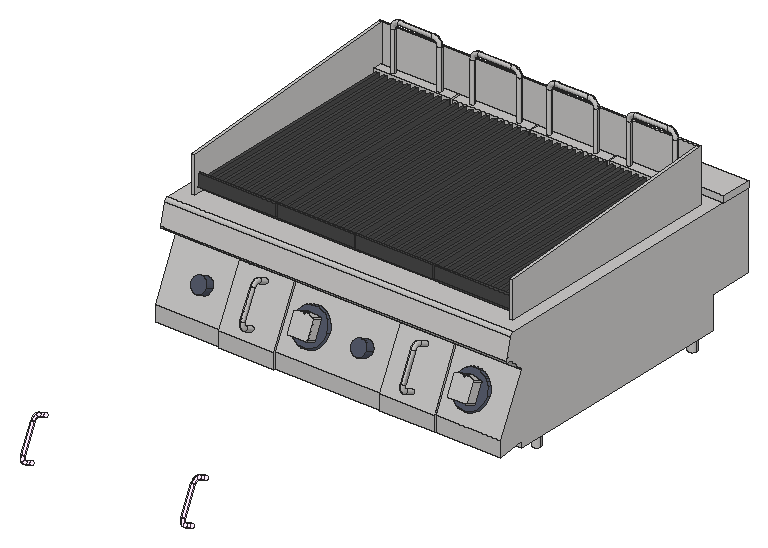
Revit family "QF_ZANUSSI_372043_Z7GRGHGC0P", category Specialty Equipment, Revit 2018
Family settings
  Round Connector Dimension = Use Diameter
  Part Type = Normal
  Work Plane-Based = No
  Always vertical = Yes
  Cut with Voids When Loaded = No
  Shared = No
  Room Calculation Point = No
Parameters
  Width = 800 mm  # constant formula
  Weight in Pounds = 141  # constant formula
  Weight = 0.00 kg
  Watts = 0 W
  Volts = 0 V
  URL Manufacturer = "http://www.zanussiprofessional.com"
  URL Cutsheet = "www.electrolux.com/foodservice"
  URL = "http://www.zanussiprofessional.com"
  Type Mark [instance] = ""
  Steam Supply Size = 0"
  Steam Supply Minimum Pressure = 0.00 psi
  Steam Supply Maximum Pressure = 0.00 psi
  Steam Pounds per Hour = 0
  Status [instance] = ""
  Specification by User [instance] = ""
  Specification by Manufacturer = ""
  Show Logo [instance] = yes
  Show Clearance [instance] = yes
  Serial Number = ""
  Seismic Rating = ""
  SMACNA No = ""
  Revision Code [instance] = ""
  Refrigeration Suction Line Size = 0"
  Refrigeration Liquid Line Size = 0"
  Refrigerant Compressor Remote = yes
  Phase = 0
  Omniclass Number and Title = ""
  NAFEM Spec ID Number = ""
  Model = "Z7GRGHGC0P"
  Mechanical Remarks = ""
  Mechanical Connection Type = ""
  Masterspec = ""
  Manufacturer = "Zanussi"
  Length Actual = 800 mm  # constant formula
  Item Number [instance] = "372043"
  Installed By [instance] = ""
  Identify Quantity as Lot [instance] = yes
  Hot Water Size = 0"
  Height Actual = 250 mm  # constant formula
  Height = 424 mm  # constant formula
  HP = "0 HP"
  Gas Size = 1/2"
  Gas RI Height [instance] = 0 mm
  Gas KW = 14  # constant formula
  Gas Input [instance] = 47726.0 Btu/h  # constant formula
  Gas Connection Height = 0 mm
  Furnished By [instance] = ""
  Foodservice Equipment Identifier [instance] = yes
  Direct Waste Size = 0"
  Description = "GAS GRILL TOP HP 800 MM"
  Depth Actual = 700 mm  # constant formula
  Depth = 715 mm  # constant formula
  Cycle = 0 Hz
  Condensate Return Size = 0"
  Compressed Air Volume = 0 GPM
  Compressed Air Size = 0"
  Compressed Air Pressure = 0.00 psi
  Cold Water Size = 0"
  CSI MasterFormat = ""
  CSI Master Format = ""
  Base Height [instance] = 24 mm  # constant formula
  Assembly Code = ""
  Accessory = yes
Reference planes
  plane 1 "BACK": y = 0
  plane 2: z = 0
  plane 3 "LEFT": x = 0
  plane 4 "RIGHT": x = 800
  plane 5 "FRONT": y = -715
  plane 6 "TOP": z = 289
  plane 7 "Center Y": x = 400
  plane 8 "Center X": y = -357.5
  plane 9 "BASE": z = 24
  plane 10 "TOP A": z = 274
  plane 11: y = -597.884
  plane 12: y = -147.637
  plane 13: z = 424
  plane 14 "panel": through (-6096, -715, 65.146) normal (0, 0.8956, -0.4448)
  plane 15: y = -1374
Forms (mm)
  Extrusion 1, solid, material "QF_Finishes_Stainless Steel"
    sketch origin (0, 0, 0) x (0, 1, 0) y (0, 0, 1)
      loop
        line (0, 98) -> (0, 274) -> (-679.358, 274)
        arc (-679.358, 274) -> (-684.643, 271.811) -> (-686.833, 266.526) r 7.474
        line (-686.833, 266.526) -> (-699.884, 221.011)
        arc (-699.884, 221.011) -> (-699.396, 218.379) -> (-697, 217.184) r 3
        line (-697, 217.184) -> (-686.802, 217.184) -> (-654.982, 185.364) -> (-715, 64.508) -> (-715, 29.508) -> (-658.645, 37.428)
        arc (-658.645, 37.428) -> (-656.101, 36.674) -> (-655, 34.259) r 3.2
        line (-655, 34.259) -> (-655, 24) -> (-103, 24) -> (-103, 98) -> (0, 98)
    from 0 to 800
  Extrusion 2, solid, material "QF_Finishes_Stainless Steel"
    sketch origin (0, 0, 0) x (1, 0, 0) y (0, 1, 0)
      loop
        circle (11.112, -147.638) r 9.525
      loop
        circle (11.112, -597.884) r 9.525
      loop
        circle (788.887, -147.638) r 9.525
      loop
        circle (788.887, -597.884) r 9.525
    from 0 to 24
  Extrusion 3, solid, material "QF_Finishes_Stainless Steel"
    sketch origin (0, -101.6, 101.6) x (0, 0, -1) y (-1, 0, 0)
      loop
        circle (43.694, -747.613) r 6.35
    from 0 to 3.175
  Extrusion 4, solid, material "QF_Finishes_Clearance", visible <- "Show Clearance", detail levels coarse
    sketch origin (0, 0, 0) x (1, 0, 0) y (0, 1, 0)
      loop
        line (0, -715) -> (0, 0) -> (800, 0) -> (800, -715) -> (950.019, -715) -> (950.019, 150.019) -> (-150.019, 150.019) -> (-150.019, -715) -> (0, -715)
    from 0 to 396
  Extrusion 5, solid, material "QF_Finishes_Black"
    sketch origin (0, 0, 274.638) x (0, -1, 0) y (1, 0, 0)
      loop
        line (621.714, 36.625) -> (621.714, 216.687) -> (130.285, 216.687) -> (130.285, 36.625) -> (621.714, 36.625)
      loop
        line (130.285, 398.4) -> (130.285, 219.888) -> (621.714, 219.888) -> (621.714, 398.4) -> (130.285, 398.4)
      loop
        line (621.714, 763.375) -> (130.285, 763.375) -> (130.285, 583.313) -> (621.714, 583.313) -> (621.714, 763.375)
      loop
        line (130.285, 401.6) -> (621.714, 401.6) -> (621.714, 580.112) -> (130.285, 580.112) -> (130.285, 401.6)
    from 0 to 12.7
  Extrusion 6, solid, material "QF_Finishes_Stainless Steel"
    sketch origin (0, 0, 274.638) x (0, -1, 0) y (1, 0, 0)
      loop
        line (130.285, 36.625) -> (130.285, 216.687) -> (107.795, 216.687) -> (107.795, 36.625) -> (130.285, 36.625)
      loop
        line (130.285, 219.888) -> (130.285, 398.4) -> (107.795, 398.4) -> (107.795, 219.888) -> (130.285, 219.888)
      loop
        line (130.285, 763.375) -> (107.795, 763.375) -> (107.795, 583.313) -> (130.285, 583.313) -> (130.285, 763.375)
      loop
        line (130.285, 580.112) -> (107.795, 580.112) -> (107.795, 401.6) -> (130.285, 401.6) -> (130.285, 580.112)
    from 0 to 37.056
  Extrusion 7, solid, material "QF_Finishes_Black"
    sketch origin (52.271, -631.964, 287.338) x (-0.153405, 0, 0.988163) y (-0.988163, 0, -0.153405)
      loop
        line (-23.661, -162.764) -> (3.778, -167.024) -> (31.408, 10.957) -> (3.969, 15.217) -> (-23.661, -162.764)
      loop
        line (-51.537, -342.325) -> (-24.098, -346.585) -> (3.287, -170.186) -> (-24.152, -165.926) -> (-51.537, -342.325)
      loop
        line (-79.413, -521.887) -> (-51.973, -526.147) -> (-24.588, -349.747) -> (-52.028, -345.487) -> (-79.413, -521.887)
      loop
        line (-107.534, -703.03) -> (-80.094, -707.289) -> (-52.464, -529.309) -> (-79.904, -525.049) -> (-107.534, -703.03)
    from 0 to 5
  Sweep 8, solid, material "QF_Finishes_Stainless Steel"
    path origin (3.75, -118.772, 30.903) x (0, 0, 1) y (-1, 0, 0)
      loop
        line (280.865, -69.374) -> (372.777, -69.374)
        arc (372.777, -69.374) -> (383.553, -73.837) -> (388.017, -84.614) r 15.24
        line (388.017, -84.614) -> (388.017, -162.056)
        arc (388.017, -162.056) -> (383.553, -172.833) -> (372.777, -177.296) r 15.24
        line (372.777, -177.296) -> (280.865, -177.296)
    profile origin (73.124, -118.772, 357.724) x (-1, 0, 0) y (0, -1, 0)
      loop
        circle (0, 0) r 4.572
  Sweep 9, solid, material "QF_Finishes_Stainless Steel"
    path origin (176.963, -118.772, 30.903) x (0, 0, 1) y (-1, 0, 0)
      loop
        line (280.865, -80.424) -> (372.777, -80.424)
        arc (372.777, -80.424) -> (383.553, -84.887) -> (388.017, -95.664) r 15.24
        line (388.017, -95.664) -> (388.017, -173.106)
        arc (388.017, -173.106) -> (383.553, -183.883) -> (372.777, -188.346) r 15.24
        line (372.777, -188.346) -> (280.865, -188.346)
    profile origin (257.386, -118.772, 357.724) x (-1, 0, 0) y (0, -1, 0)
      loop
        circle (0, 0) r 4.572
  Extrusion 10, solid, material "QF_Finishes_Stainless Steel"
    sketch origin (35.025, -104.885, 396) x (0, -1, 0) y (0, 0, -1)
      loop
        line (0, -0.1) -> (540, 38.757) -> (540, 122) -> (0, 122) -> (0, -0.1)
    from 0 to -6.35
  Extrusion 11, solid, material "QF_Finishes_Stainless Steel"
    sketch origin (765.075, -104.885, 396) x (0, -1, 0) y (0, 0, 1)
      loop
        line (0, 0.1) -> (0, -122) -> (540, -122) -> (540, -38.757) -> (0, 0.1)
    from 0 to -6.35
  Extrusion 12, solid, material "QF_Finishes_Stainless Steel"
    sketch origin (35.025, -104.885, 274) x (0, 0, 1) y (1, 0, 0)
      loop
        line (0, -6.35) -> (122.1, -6.35) -> (122.1, 736.4) -> (0, 736.4) -> (0, -6.35)
    from 0 to 3.2
  Sweep 13, solid, material "QF_Finishes_Stainless Steel"
    path origin (796.35, -118.772, 30.903) x (0, 0, 1) y (-1, 0, 0)
      loop
        line (280.865, 69.474) -> (372.777, 69.474)
        arc (372.777, 69.474) -> (383.553, 73.937) -> (388.017, 84.714) r 15.24
        line (388.017, 84.714) -> (388.017, 162.156)
        arc (388.017, 162.156) -> (383.553, 172.933) -> (372.777, 177.396) r 15.24
        line (372.777, 177.396) -> (280.865, 177.396)
    profile origin (726.876, -118.772, 357.724) x (-1, 0, 0) y (0, -1, 0)
      loop
        circle (0, 0) r 4.572
  Sweep 14, solid, material "QF_Finishes_Stainless Steel"
    path origin (623.137, -118.772, 30.903) x (0, 0, 1) y (-1, 0, 0)
      loop
        line (280.865, 80.524) -> (372.777, 80.524)
        arc (372.777, 80.524) -> (383.553, 84.987) -> (388.017, 95.764) r 15.24
        line (388.017, 95.764) -> (388.017, 173.206)
        arc (388.017, 173.206) -> (383.553, 183.983) -> (372.777, 188.446) r 15.24
        line (372.777, 188.446) -> (280.865, 188.446)
    profile origin (542.614, -118.772, 357.724) x (-1, 0, 0) y (0, -1, 0)
      loop
        circle (0, 0) r 4.572
  Extrusion 15, solid, material "QF_Finishes_Stainless Steel"
    sketch origin (0, 0, 274.638) x (0, -1, 0) y (1, 0, 0)
      loop
        line (0, 800) -> (0, 0) -> (69.85, 0) -> (69.85, 800) -> (0, 800)
    from 0 to 14.3
  Extrusion 16, solid, material "QF_Finishes_Stainless Steel"
    sketch origin (521.343, -0.376, -0.757) x (0, 1, 0) y (0, 0, 1)
      loop
        line (-715, 65.146) -> (-654.982, 186.002) -> (-657.848, 187.425) -> (-718.2, 65.896) -> (-718.2, 31.09) -> (-715, 31.09) -> (-715, 65.146)
    from 0 to 127
  Sweep 17, solid, material "QF_Finishes_Stainless Steel"
    path origin (387.393, -9.278, -20.28) x (0, 0.999563, -0.029571) y (0, 0.029571, 0.999563)
      loop
        line (-662.718, 170.424) -> (-683.347, 179.918)
        arc (-683.347, 179.918) -> (-693.06, 180.294) -> (-700.193, 173.692) r 12.7
        line (-700.193, 173.692) -> (-727.741, 113.839)
        arc (-727.741, 113.839) -> (-728.117, 104.126) -> (-721.514, 96.993) r 12.7
        line (-721.514, 96.993) -> (-700.886, 87.498)
    profile origin (387.393, -676.837, 174.717) x (0, -0.444781, -0.895639) y (1, 0, 0)
      loop
        circle (0, 200.05) r 4.572
  Extrusion 18, solid, material "QF_Plastic-Black-Matte"
    sketch origin (649.993, -685.367, 124.816) x (0, 0.444781, 0.895639) y (0, 0.895639, -0.444781)
      loop
        line (26.984, -34) -> (23.984, -34) -> (23.984, -35) -> (26.984, -35)
        arc (26.984, -35) -> (27.691, -34.707) -> (27.984, -34) r 1
        line (27.984, -34) -> (27.984, -19) -> (26.984, -19) -> (26.984, -34)
    from -58.5 to -56.5
  Extrusion 19, solid, material "QF_Finishes_Stainless Steel"
    sketch origin (707.493, -685.367, 124.816) x (-1, 0, 0) y (0, -0.444781, -0.895639)
      loop
        line (17.6, -17.5) -> (17.6, 17.5) -> (-17.4, 17.5) -> (-17.4, -17.5) -> (17.6, -17.5)
    from 5 to 10
  Extrusion 20, solid, material "QF_Finishes_Stainless Steel"
    sketch origin (707.493, -685.367, 124.816) x (-1, 0, 0) y (0, -0.444781, -0.895639)
      loop
        arc (-21.047, -22.789) -> (0.1, -26.984) -> (21.247, -22.789) r 55.4
        arc (21.247, -22.789) -> (22.594, -21.685) -> (23.1, -20.019) r 2.997
        line (23.1, -20.019) -> (23.1, 20.019)
        arc (23.1, 20.019) -> (22.222, 22.138) -> (20.103, 23.016) r 2.997
        line (20.103, 23.016) -> (-19.903, 23.016)
        arc (-19.903, 23.016) -> (-22.022, 22.138) -> (-22.9, 20.019) r 2.997
        line (-22.9, 20.019) -> (-22.9, -20.019)
        arc (-22.9, -20.019) -> (-22.394, -21.685) -> (-21.047, -22.789) r 2.997
    from 10 to 34
  Blend 21, solid, material "QF_Finishes_Navy Blue"
    base sketch origin (707.493, -685.367, 124.816) x (1, 0, 0) y (0, 0.444781, 0.895639)
      loop
        circle (-0.1, 0) r 42.5
    top sketch origin (707.493, -685.367, 124.816) x (1, 0, 0) y (0, 0.444781, 0.895639)
      loop
        circle (-0.1, 0) r 40.5
    from 0 to 5
  Sweep 22, solid, material "QF_Finishes_Stainless Steel"
    path origin (16.593, -9.278, -20.28) x (0, 0.999563, -0.029571) y (0, 0.029571, 0.999563)
      loop
        line (-662.718, 170.424) -> (-683.347, 179.918)
        arc (-683.347, 179.918) -> (-693.06, 180.294) -> (-700.193, 173.692) r 12.7
        line (-700.193, 173.692) -> (-727.741, 113.839)
        arc (-727.741, 113.839) -> (-728.117, 104.126) -> (-721.514, 96.993) r 12.7
        line (-721.514, 96.993) -> (-700.886, 87.498)
    profile origin (16.593, -676.837, 174.717) x (0, -0.444781, -0.895639) y (1, 0, 0)
      loop
        circle (0, 200.05) r 4.572
  Extrusion 23, solid, material "QF_Plastic-Black-Matte"
    sketch origin (279.193, -685.367, 124.816) x (0, 0.444781, 0.895639) y (0, 0.895639, -0.444781)
      loop
        line (26.984, -34) -> (23.984, -34) -> (23.984, -35) -> (26.984, -35)
        arc (26.984, -35) -> (27.691, -34.707) -> (27.984, -34) r 1
        line (27.984, -34) -> (27.984, -19) -> (26.984, -19) -> (26.984, -34)
    from -58.5 to -56.5
  Extrusion 24, solid, material "QF_Finishes_Stainless Steel"
    sketch origin (336.693, -685.367, 124.816) x (-1, 0, 0) y (0, -0.444781, -0.895639)
      loop
        line (17.55, -17.5) -> (17.55, 17.5) -> (-17.45, 17.5) -> (-17.45, -17.5) -> (17.55, -17.5)
    from 5 to 10
  Extrusion 25, solid, material "QF_Finishes_Stainless Steel"
    sketch origin (336.693, -685.367, 124.816) x (-1, 0, 0) y (0, -0.444781, -0.895639)
      loop
        arc (-21.097, -22.789) -> (0.05, -26.984) -> (21.197, -22.789) r 55.4
        arc (21.197, -22.789) -> (22.544, -21.685) -> (23.05, -20.019) r 2.997
        line (23.05, -20.019) -> (23.05, 20.019)
        arc (23.05, 20.019) -> (22.172, 22.138) -> (20.053, 23.016) r 2.997
        line (20.053, 23.016) -> (-19.953, 23.016)
        arc (-19.953, 23.016) -> (-22.072, 22.138) -> (-22.95, 20.019) r 2.997
        line (-22.95, 20.019) -> (-22.95, -20.019)
        arc (-22.95, -20.019) -> (-22.444, -21.685) -> (-21.097, -22.789) r 2.997
    from 10 to 34
  Blend 26, solid, material "QF_Finishes_Navy Blue"
    base sketch origin (336.693, -685.367, 124.816) x (1, 0, 0) y (0, 0.444781, 0.895639)
      loop
        circle (-0.05, 0) r 42.5
    top sketch origin (336.693, -685.367, 124.816) x (1, 0, 0) y (0, 0.444781, 0.895639)
      loop
        circle (-0.05, 0) r 40.5
    from 0 to 5
  Extrusion 27, solid, material "QF_Finishes_Stainless Steel"
    sketch origin (173.23, -122.719, 1257.8) x (1, 0, 0) y (0, 0.444781, 0.895639)
      loop
        circle (-80, -1265) r 15
    from 0 to 3
  Extrusion 28, solid, material "QF_Finishes_Navy Blue"
    sketch origin (173.23, -122.719, 1257.8) x (1, 0, 0) y (0, 0.444781, 0.895639)
      loop
        circle (-80, -1265) r 18
    from 3 to 23
  Extrusion 29, solid, material "QF_Finishes_Stainless Steel"
    sketch origin (150.543, -0.376, -0.757) x (0, 1, 0) y (0, 0, 1)
      loop
        line (-715, 65.146) -> (-654.982, 186.002) -> (-657.848, 187.425) -> (-718.2, 65.896) -> (-718.2, 31.09) -> (-715, 31.09) -> (-715, 65.146)
    from 0 to 127
  Extrusion 30, solid, material "QF_Finishes_Drawer Clearance", visible <- "Show Clearance", detail levels coarse
    sketch origin (150.543, -0.376, -0.757) x (0, 1, 0) y (0, 0, 1)
      loop
        line (-718.2, 31.09) -> (-718.2, 65.896) -> (-657.848, 187.425) -> (-1292.631, 187.425) -> (-1356.556, 58.702) -> (-1356.556, 31.09) -> (-718.2, 31.09)
    from 0 to 127
  Extrusion 31, solid, material "QF_Finishes_Stainless Steel"
    sketch origin (544.03, -122.719, 1257.8) x (1, 0, 0) y (0, 0.444781, 0.895639)
      loop
        circle (-80.05, -1265) r 15
    from 0 to 3
  Extrusion 32, solid, material "QF_Finishes_Navy Blue"
    sketch origin (544.03, -122.719, 1257.8) x (1, 0, 0) y (0, 0.444781, 0.895639)
      loop
        circle (-80.05, -1265) r 18
    from 3 to 23
  Sweep 33, solid, material "QF_Finishes_Drawer Clearance"
    path origin (387.393, -644.061, -20.28) x (0, 0.999563, -0.029571) y (0, 0.029571, 0.999563)
      loop
        line (-662.718, 170.424) -> (-683.347, 179.918)
        arc (-683.347, 179.918) -> (-693.06, 180.294) -> (-700.193, 173.692) r 12.7
        line (-700.193, 173.692) -> (-727.741, 113.839)
        arc (-727.741, 113.839) -> (-728.117, 104.126) -> (-721.514, 96.993) r 12.7
        line (-721.514, 96.993) -> (-700.886, 87.498)
    profile origin (387.393, -1311.619, 174.717) x (0, -0.444781, -0.895639) y (1, 0, 0)
      loop
        circle (0, 200.05) r 4.572
  Sweep 34, solid, material "QF_Finishes_Drawer Clearance"
    path origin (16.593, -644.061, -20.28) x (0, 0.999563, -0.029571) y (0, 0.029571, 0.999563)
      loop
        line (-662.718, 170.424) -> (-683.347, 179.918)
        arc (-683.347, 179.918) -> (-693.06, 180.294) -> (-700.193, 173.692) r 12.7
        line (-700.193, 173.692) -> (-727.741, 113.839)
        arc (-727.741, 113.839) -> (-728.117, 104.126) -> (-721.514, 96.993) r 12.7
        line (-721.514, 96.993) -> (-700.886, 87.498)
    profile origin (16.593, -1311.619, 174.717) x (0, -0.444781, -0.895639) y (1, 0, 0)
      loop
        circle (0, 200.05) r 4.572
  Extrusion 35, solid, material "QF_Finishes_Drawer Clearance", visible <- "Show Clearance", detail levels coarse
    sketch origin (521.343, -0.376, -0.757) x (0, 1, 0) y (0, 0, 1)
      loop
        line (-718.2, 31.09) -> (-718.2, 65.896) -> (-657.848, 187.425) -> (-1292.631, 187.425) -> (-1356.556, 58.702) -> (-1356.556, 31.09) -> (-718.2, 31.09)
    from 0 to 127
Cuts and joins
  joined: Extrusion 10, Extrusion 11, Extrusion 12
Lines and regions (mm)
  Split face 1
    outline origin (707.493, -689.845, 127.04) x (1, 0, 0) y (0, 0.444781, 0.895639)
      loop
        circle (0, 34.714) r 1.714
  Split face 2
    outline origin (707.493, -689.845, 127.04) x (1, 0, 0) y (0, 0.444781, 0.895639)
      loop
        circle (-17.357, 30.063) r 2
  Split face 3
    outline origin (707.493, -689.845, 127.04) x (1, 0, 0) y (0, 0.444781, 0.895639)
      loop
        circle (17.357, 30.063) r 2
  Split face 4
    outline origin (707.493, -689.845, 127.04) x (1, 0, 0) y (0, 0.444781, 0.895639)
      loop
        line (-23.985, -28.584) -> (-20.542, -24.481)
        arc (-20.542, -24.481) -> (-27.511, -15.911) -> (-31.231, -5.511) r 32.719
        line (-31.231, -5.511) -> (-37.141, -6.549)
        arc (-37.141, -6.549) -> (-32.568, -18.764) -> (-23.985, -28.584) r 36.411
  Split face 5
    outline origin (707.493, -689.845, 127.04) x (1, 0, 0) y (0, 0.444781, 0.895639)
      loop
        arc (20.441, -26.163) -> (0.211, -32.559) -> (-19.689, -25.201) r 32.719
        line (-19.689, -25.201) -> (-22.952, -29.377)
        arc (-22.952, -29.377) -> (-0.277, -36.495) -> (21.959, -28.107) r 36.411
        line (21.959, -28.107) -> (20.441, -26.163)
  Split face 6
    outline origin (707.493, -689.845, 127.04) x (1, 0, 0) y (0, 0.444781, 0.895639)
      loop
        line (21.361, -25.457) -> (22.903, -27.295)
        arc (22.903, -27.295) -> (31.935, -14.958) -> (35.104, 0) r 36.411
        line (35.104, 0) -> (33.714, 0)
        arc (33.714, 0) -> (30.431, -14.133) -> (21.361, -25.457) r 32.719
  Split face 7
    outline origin (707.493, -689.845, 127.04) x (1, 0, 0) y (0, 0.444781, 0.895639)
      loop
        arc (-37.695, 1.149) -> (-34.899, -3.19) -> (-31.619, 0.795) r 3.195
        line (-31.619, 0.795) -> (-32.379, 3.751)
        arc (-32.379, 3.751) -> (-34.462, 5.448) -> (-36.693, 3.952) r 2.258
        line (-36.693, 3.952) -> (-37.695, 1.149)
  Split face 8
    outline origin (336.693, -689.845, 127.04) x (1, 0, 0) y (0, 0.444781, 0.895639)
      loop
        circle (0, 34.714) r 1.714
  Split face 9
    outline origin (336.693, -689.845, 127.04) x (1, 0, 0) y (0, 0.444781, 0.895639)
      loop
        circle (-17.357, 30.063) r 2
  Split face 10
    outline origin (336.693, -689.845, 127.04) x (1, 0, 0) y (0, 0.444781, 0.895639)
      loop
        circle (17.357, 30.063) r 2
  Split face 11
    outline origin (336.693, -689.845, 127.04) x (1, 0, 0) y (0, 0.444781, 0.895639)
      loop
        line (-23.985, -28.584) -> (-20.542, -24.481)
        arc (-20.542, -24.481) -> (-27.511, -15.911) -> (-31.231, -5.511) r 32.719
        line (-31.231, -5.511) -> (-37.141, -6.549)
        arc (-37.141, -6.549) -> (-32.568, -18.764) -> (-23.985, -28.584) r 36.411
  Split face 12
    outline origin (336.693, -689.845, 127.04) x (1, 0, 0) y (0, 0.444781, 0.895639)
      loop
        arc (20.441, -26.163) -> (0.211, -32.559) -> (-19.689, -25.201) r 32.719
        line (-19.689, -25.201) -> (-22.952, -29.377)
        arc (-22.952, -29.377) -> (-0.277, -36.495) -> (21.959, -28.107) r 36.411
        line (21.959, -28.107) -> (20.441, -26.163)
  Split face 13
    outline origin (336.693, -689.845, 127.04) x (1, 0, 0) y (0, 0.444781, 0.895639)
      loop
        line (21.361, -25.457) -> (22.903, -27.295)
        arc (22.903, -27.295) -> (31.935, -14.958) -> (35.104, 0) r 36.411
        line (35.104, 0) -> (33.714, 0)
        arc (33.714, 0) -> (30.431, -14.133) -> (21.361, -25.457) r 32.719
  Split face 14
    outline origin (336.693, -689.845, 127.04) x (1, 0, 0) y (0, 0.444781, 0.895639)
      loop
        arc (-37.695, 1.149) -> (-34.899, -3.19) -> (-31.619, 0.795) r 3.195
        line (-31.619, 0.795) -> (-32.379, 3.751)
        arc (-32.379, 3.751) -> (-34.462, 5.448) -> (-36.693, 3.952) r 2.258
        line (-36.693, 3.952) -> (-37.695, 1.149)
  symbolic lines, style "QF-Clearances", visible <- "Show Clearance", detail levels coarse
    curve 1: line (950.019, 150.019, 274) -> (-150.019, 150.019, 274)
    curve 2: line (950.019, -715, 274) -> (950.019, 150.019, 274)
    curve 3: line (-150.019, 150.019, 274.638) -> (-150.019, -715, 274.638)
    curve 4: line (692.144, 150.019, 274.638) -> (-150.019, 150.019, 274.638)
  symbolic lines
    curve 5: line (0, -715, 274.638) -> (0, 0, 274.638)
    curve 6: line (800, 0, 274.638) -> (800, -715, 274.638)
    curve 7: line (35.025, -104.885, 274.638) -> (35.025, -644.885, 274.638)
    curve 8: line (28.675, -644.885, 274.638) -> (35.025, -644.885, 274.638)
    curve 9: line (764.975, -644.885, 274.638) -> (764.975, -104.885, 274.638)
    curve 10: line (764.975, -104.885, 274.638) -> (35.025, -104.885, 274.638)
    curve 11: line (0, -69.85, 274.638) -> (800, -69.85, 274.638)
    curve 12: line (28.675, -98.535, 274.638) -> (28.675, -644.885, 274.638)
    curve 13: line (28.675, -98.535, 274.638) -> (771.325, -98.535, 274.638)
    curve 14: line (771.325, -98.535, 274.638) -> (771.325, -644.885, 274.638)
    curve 15: line (764.975, -644.885, 274.638) -> (771.325, -644.885, 274.638)
    curve 16: line (36.625, -107.795, 274.638) -> (216.687, -107.795, 274.638)
    curve 17: line (36.625, -636.964, 274.638) -> (36.625, -107.795, 274.638)
    curve 18: line (216.687, -130.285, 274.638) -> (36.625, -130.285, 274.638)
    curve 19: line (216.687, -107.795, 274.638) -> (216.687, -636.964, 274.638)
    curve 23: line (219.888, -107.795, 274.638) -> (398.4, -107.795, 274.638)
    curve 24: line (219.888, -636.964, 274.638) -> (219.888, -107.795, 274.638)
    curve 25: line (398.4, -130.285, 274.638) -> (219.888, -130.285, 274.638)
    curve 26: line (398.4, -107.795, 274.638) -> (398.4, -636.964, 274.638)
    curve 27: line (401.6, -107.795, 274.638) -> (580.062, -107.795, 274.638)
    curve 28: line (401.6, -636.964, 274.638) -> (401.6, -107.795, 274.638)
    curve 29: line (580.062, -130.285, 274.638) -> (401.6, -130.285, 274.638)
    curve 30: line (580.062, -107.795, 274.638) -> (580.062, -636.964, 274.638)
    curve 31: line (583.263, -107.795, 274.638) -> (763.375, -107.795, 274.638)
    curve 32: line (583.263, -636.964, 274.638) -> (583.263, -107.795, 274.638)
    curve 33: line (763.375, -130.285, 274.638) -> (583.263, -130.285, 274.638)
    curve 34: line (763.375, -107.795, 274.638) -> (763.375, -636.964, 274.638)
    curve 38: line (72.974, -114.2, 274) -> (180.846, -114.2, 274)
    curve 39: line (180.846, -123.344, 274) -> (72.974, -123.344, 274)
    curve 40: arc (72.974, -114.2, 274) -> (68.402, -118.772, 274) -> (72.974, -123.344, 274) r 4.572
    curve 41: arc (180.846, -114.2, 274) -> (185.418, -118.772, 274) -> (180.846, -123.344, 274) r 4.572
    curve 42: line (257.386, -114.2, 274) -> (365.309, -114.2, 274)
    curve 43: line (365.309, -123.344, 274) -> (257.386, -123.344, 274)
    curve 44: arc (257.386, -114.2, 274) -> (252.814, -118.772, 274) -> (257.386, -123.344, 274) r 4.572
    curve 45: arc (365.309, -114.2, 274) -> (369.881, -118.772, 274) -> (365.309, -123.344, 274) r 4.572
    curve 46: line (583.313, -636.964, 274) -> (763.375, -636.964, 274)
    curve 47: line (401.6, -636.964, 274) -> (580.112, -636.964, 274)
    curve 48: line (219.888, -636.964, 274) -> (398.4, -636.964, 274)
    curve 49: line (36.625, -636.964, 274) -> (216.687, -636.964, 274)
    curve 50: line (727.026, -114.2, 274) -> (619.104, -114.2, 274)
    curve 51: line (619.104, -123.344, 274) -> (727.026, -123.344, 274)
    curve 52: arc (727.026, -114.2, 274) -> (731.598, -118.772, 274) -> (727.026, -123.344, 274) r 4.572
    curve 53: arc (619.104, -114.2, 274) -> (614.532, -118.772, 274) -> (619.104, -123.344, 274) r 4.572
    curve 54: line (542.564, -114.2, 274) -> (434.691, -114.2, 274)
    curve 55: line (434.691, -123.344, 274) -> (542.564, -123.344, 274)
    curve 56: arc (542.564, -114.2, 274) -> (547.136, -118.772, 274) -> (542.564, -123.344, 274) r 4.572
    curve 57: arc (434.691, -114.2, 274) -> (430.119, -118.772, 274) -> (434.691, -123.344, 274) r 4.572
    curve 58: line (0, 0, 274.638) -> (800, 0, 274.638)
    curve 59: line (0, -69.85, 274.638) -> (800, -69.85, 274.638)
    curve 60: line (0, 0, 274.638) -> (800, 0, 274.638)
    curve 61: line (216.737, -631.964, 0) -> (36.625, -631.964, 0)
    curve 62: line (219.888, -631.964, 274) -> (398.4, -631.964, 274)
    curve 63: line (583.313, -631.964, 274) -> (763.375, -631.964, 274)
    curve 64: line (401.6, -631.964, 274) -> (580.112, -631.964, 274)
    curve 65: line (313.693, -700.376, 0) -> (313.693, -724.723, 0)
    curve 66: arc (313.693, -724.723, 0) -> (313.839, -725.187, 0) -> (314.225, -725.483, 0) r 0.809
    curve 67: arc (314.225, -725.483, 0) -> (315.413, -725.963, 0) -> (316.691, -726.056, 0) r 4.127
    curve 68: arc (313.693, -704.669, 0) -> (308.652, -702.834, 0) -> (303.884, -700.376, 0) r 42.24
    curve 69: arc (313.693, -706.915, 0) -> (314.195, -706.194, 0) -> (314.993, -705.824, 0) r 1.682
    curve 70: arc (314.993, -705.824, 0) -> (325.295, -704.331, 0) -> (335.693, -703.826, 0) r 109.069
    curve 71: line (335.693, -700.376, 0) -> (335.693, -706.047, 0)
    curve 72: line (335.693, -706.047, 0) -> (337.693, -706.047, 0)
    curve 73: line (337.693, -706.047, 0) -> (337.693, -700.376, 0)
    curve 74: line (359.693, -700.376, 0) -> (359.693, -724.723, 0)
    curve 75: arc (359.693, -724.723, 0) -> (359.547, -725.187, 0) -> (359.161, -725.483, 0) r 0.809
    curve 76: arc (359.161, -725.483, 0) -> (357.973, -725.963, 0) -> (356.696, -726.056, 0) r 4.127
    curve 77: arc (359.693, -704.669, 0) -> (364.734, -702.834, 0) -> (369.502, -700.376, 0) r 42.24
    curve 78: arc (359.693, -706.915, 0) -> (359.191, -706.194, 0) -> (358.394, -705.824, 0) r 1.682
    curve 79: arc (358.394, -705.824, 0) -> (348.092, -704.321, 0) -> (337.693, -703.807, 0) r 109.088
    curve 80: line (316.691, -726.056, 0) -> (356.696, -726.056, 0)
    curve 81: line (0, -700.376, 0) -> (800, -700.376, 0)
    curve 82: line (212.75, -700.376, 0) -> (212.75, -734.594, 0)
    curve 83: line (221.75, -700.376, 0) -> (221.75, -734.594, 0)
    curve 84: arc (212.75, -734.594, 0) -> (217.25, -739.094, 0) -> (221.75, -734.594, 0) r 4.5
    curve 85: line (151.15, -700.376, 0) -> (151.15, -718.576, 0)
    curve 86: line (151.15, -718.576, 0) -> (212.75, -718.576, 0)
    curve 87: line (221.75, -718.576, 0) -> (278.15, -718.576, 0)
    curve 88: line (278.15, -718.576, 0) -> (278.15, -700.376, 0)
    curve 89: line (151.15, -715.376, 0) -> (212.75, -715.376, 0)
    curve 90: line (221.75, -715.376, 0) -> (278.15, -715.376, 0)
    curve 91: line (0, -715.376, 0) -> (151.15, -715.376, 0)
    curve 92: line (278.15, -715.376, 0) -> (313.693, -715.376, 0)
    curve 93: line (359.693, -715.376, 0) -> (519.643, -715.376, 0)
    curve 94: line (75.23, -705.967, 0) -> (75.23, -700.376, 0)
    curve 95: line (111.23, -705.967, 0) -> (111.23, -700.376, 0)
    curve 96: spline (75.23, -705.967, 0) -> (75.843, -708.039, 0) -> (77.641, -709.97, 0) -> (80.502, -711.628, 0) -> (84.23, -712.9, 0) -> (88.571, -713.7, 0) -> (93.23, -713.973, 0) -> (97.889, -713.7, 0) -> (102.23, -712.9, 0) -> (105.958, -711.628, 0) -> (108.818, -709.97, 0) -> (110.617, -708.039, 0) -> (111.23, -705.967, 0)
    curve 97: spline (111.23, -705.967, 0) -> (111.193, -705.451, 0) -> (111.081, -704.938, 0) -> (110.895, -704.429, 0) -> (110.636, -703.927, 0) -> (110.304, -703.432, 0) -> (109.902, -702.949, 0) -> (109.431, -702.478, 0) -> (108.892, -702.021, 0) -> (108.288, -701.581, 0) -> (107.622, -701.159, 0) -> (106.897, -700.757, 0) -> (106.114, -700.376, 0)
    curve 98: spline (80.345, -700.376, 0) -> (79.563, -700.757, 0) -> (78.837, -701.159, 0) -> (78.171, -701.581, 0) -> (77.568, -702.021, 0) -> (77.029, -702.478, 0) -> (76.558, -702.949, 0) -> (76.156, -703.432, 0) -> (75.824, -703.927, 0) -> (75.565, -704.429, 0) -> (75.379, -704.938, 0) -> (75.267, -705.451, 0) -> (75.23, -705.967, 0)
    curve 99: line (684.443, -700.376, 0) -> (684.443, -724.723, 0)
    curve 100: arc (684.443, -724.723, 0) -> (684.589, -725.187, 0) -> (684.975, -725.483, 0) r 0.809
    curve 101: arc (684.975, -725.483, 0) -> (686.163, -725.963, 0) -> (687.441, -726.056, 0) r 4.127
    curve 102: arc (684.443, -704.669, 0) -> (679.402, -702.834, 0) -> (674.634, -700.376, 0) r 42.24
    curve 103: arc (684.443, -706.915, 0) -> (684.945, -706.194, 0) -> (685.743, -705.824, 0) r 1.682
    curve 104: arc (685.743, -705.824, 0) -> (696.045, -704.326, 0) -> (706.443, -703.817, 0) r 109.079
    curve 105: line (706.443, -700.376, 0) -> (706.443, -706.047, 0)
    curve 106: line (706.443, -706.047, 0) -> (708.443, -706.047, 0)
    curve 107: line (708.443, -706.047, 0) -> (708.443, -700.376, 0)
    curve 108: line (730.443, -700.376, 0) -> (730.443, -724.723, 0)
    curve 109: arc (730.443, -724.723, 0) -> (730.297, -725.187, 0) -> (729.911, -725.483, 0) r 0.809
    curve 110: arc (729.911, -725.483, 0) -> (728.723, -725.963, 0) -> (727.446, -726.056, 0) r 4.127
    curve 111: arc (730.443, -704.669, 0) -> (735.484, -702.834, 0) -> (740.252, -700.376, 0) r 42.24
    curve 112: arc (730.443, -706.915, 0) -> (729.941, -706.194, 0) -> (729.144, -705.824, 0) r 1.682
    curve 113: arc (729.144, -705.824, 0) -> (718.841, -704.326, 0) -> (708.443, -703.817, 0) r 109.079
    curve 114: line (687.441, -726.056, 0) -> (727.446, -726.056, 0)
    curve 115: line (583.5, -700.376, 0) -> (583.5, -734.594, 0)
    curve 116: line (592.5, -700.376, 0) -> (592.5, -734.594, 0)
    curve 117: arc (583.5, -734.594, 0) -> (588, -739.094, 0) -> (592.5, -734.594, 0) r 4.5
    curve 118: line (521.9, -700.376, 0) -> (521.9, -718.576, 0)
    curve 119: line (521.9, -718.576, 0) -> (583.5, -718.576, 0)
    curve 120: line (592.5, -718.576, 0) -> (648.9, -718.576, 0)
    curve 121: line (648.9, -718.576, 0) -> (648.9, -700.376, 0)
    curve 122: line (521.9, -715.376, 0) -> (583.5, -715.376, 0)
    curve 123: line (592.5, -715.376, 0) -> (648.9, -715.376, 0)
    curve 124: line (648.9, -715.376, 0) -> (684.443, -715.376, 0)
    curve 125: line (730.443, -715.376, 0) -> (800, -715.376, 0)
    curve 126: line (445.98, -705.967, 0) -> (445.98, -700.376, 0)
    curve 127: line (481.98, -705.967, 0) -> (481.98, -700.376, 0)
    curve 128: spline (445.98, -705.967, 0) -> (446.593, -708.039, 0) -> (448.391, -709.97, 0) -> (451.252, -711.628, 0) -> (454.98, -712.9, 0) -> (459.321, -713.7, 0) -> (463.98, -713.973, 0) -> (468.639, -713.7, 0) -> (472.98, -712.9, 0) -> (476.708, -711.628, 0) -> (479.568, -709.97, 0) -> (481.367, -708.039, 0) -> (481.98, -705.967, 0)
    curve 129: spline (481.98, -705.967, 0) -> (481.943, -705.451, 0) -> (481.831, -704.938, 0) -> (481.645, -704.429, 0) -> (481.386, -703.927, 0) -> (481.054, -703.432, 0) -> (480.652, -702.949, 0) -> (480.181, -702.478, 0) -> (479.642, -702.021, 0) -> (479.038, -701.581, 0) -> (478.372, -701.159, 0) -> (477.647, -700.757, 0) -> (476.864, -700.376, 0)
    curve 130: spline (451.095, -700.376, 0) -> (450.313, -700.757, 0) -> (449.587, -701.159, 0) -> (448.921, -701.581, 0) -> (448.318, -702.021, 0) -> (447.779, -702.478, 0) -> (447.308, -702.949, 0) -> (446.906, -703.432, 0) -> (446.574, -703.927, 0) -> (446.315, -704.429, 0) -> (446.129, -704.938, 0) -> (446.017, -705.451, 0) -> (445.98, -705.967, 0)
  symbolic lines, style "QF_Drawer Clearance"
    curve 20: line (151.1, -715, 274) -> (151.1, -1357.938, 274)
    curve 21: line (151.1, -1357.938, 274) -> (278.1, -1357.938, 274)
    curve 22: line (278.1, -1357.938, 274) -> (278.1, -715, 274)
    curve 35: line (521.9, -715, 274) -> (521.9, -1357.938, 274)
    curve 36: line (521.9, -1357.938, 274) -> (648.85, -1357.938, 274)
    curve 37: line (648.85, -1357.938, 274) -> (648.85, -715, 274)
Dimensions and locks
  equal spacing: plane 3 "LEFT", plane 7 "Center Y", plane 4 "RIGHT"
  "Width": plane 3 "LEFT" to plane 4 "RIGHT"
  equal spacing: plane 5 "FRONT", plane 8 "Center X", plane 1 "BACK"
  "Depth": plane 5 "FRONT" to plane 1 "BACK"
  plane 1 "BACK" to plane 5 "FRONT" = 715 mm
  "Base Height": plane 9 "BASE" to level
  plane 10 "TOP A" to plane 9 "BASE" = 250 mm  (x2)
  plane 9 "BASE" to level = 24 mm
  plane 4 "RIGHT" to Extrusion 3 sketch curve = 52.388 mm
  equal spacing: group 1, group 3, group 4, group 5, group 6, group 7, group 8, group 9, group 10, group 2  (x3)
  "Height": plane 13 to level
  plane 1 "BACK" to plane 15 = 1374 mm
  aligned and locked: level to plane 2
  aligned and locked: plane 4 "RIGHT" to Extrusion 1
Automatic sketch dimensions
  curve 91 to plane 3 "LEFT" = 0 mm
  curve 81 to plane 3 "LEFT" = 0 mm
  curve 125 to plane 4 "RIGHT" = 0 mm
  curve 81 to plane 4 "RIGHT" = 0 mm
  curve 94 to plane 5 "FRONT" = 9.033 mm
  plane 3 "LEFT" to curve 94 = 75.23 mm
  curve 96 to curve 95 = 36 mm
  plane 5 "FRONT" to curve 85 = 3.576 mm
  curve 95 to curve 85 = 39.92 mm
  plane 5 "FRONT" to curve 82 = 19.594 mm
  curve 85 to curve 82 = 61.6 mm
  curve 82 to curve 84 = 4.5 mm
  plane 5 "FRONT" to curve 88 = 3.576 mm
  curve 87 to curve 88 = 56.4 mm
  plane 5 "FRONT" to curve 65 = 9.723 mm
  curve 87 to curve 65 = 35.543 mm
  curve 66 to curve 66 = 0.809 mm
  curve 69 to curve 69 = 1.583 mm
  curve 66 to curve 67 = 1.846 mm
  curve 66 to curve 80 = 2.189 mm
  curve 65 to curve 68 = 11.892 mm
  curve 71 to plane 5 "FRONT" = 8.953 mm
  curve 69 to curve 71 = 20.417 mm
  curve 70 to plane 7 "Center Y" = 64.226 mm
  curve 70 to curve 79 = 1.738 mm
  curve 71 to curve 73 = 2 mm
  curve 68 to curve 77 = 22.215 mm
  curve 72 to curve 80 = 19.003 mm
  curve 76 to curve 76 = 0.343 mm
  curve 76 to curve 78 = 1.071 mm
  curve 76 to curve 75 = 2.189 mm
  curve 75 to curve 74 = 0.809 mm
  curve 126 to plane 5 "FRONT" = 9.033 mm
  plane 7 "Center Y" to curve 126 = 45.98 mm
  curve 126 to curve 127 = 36 mm
  plane 5 "FRONT" to curve 119 = 3.576 mm
  curve 127 to curve 119 = 39.92 mm
  plane 5 "FRONT" to curve 115 = 19.594 mm
  curve 118 to curve 115 = 61.6 mm
  curve 115 to curve 117 = 4.5 mm
  plane 5 "FRONT" to curve 121 = 3.576 mm
  curve 120 to curve 121 = 56.4 mm
  plane 5 "FRONT" to curve 99 = 9.723 mm
  curve 120 to curve 99 = 35.543 mm
  curve 99 to curve 100 = 0.809 mm
  curve 103 to curve 103 = 1.583 mm
  curve 100 to curve 101 = 1.846 mm
  curve 100 to curve 114 = 2.189 mm
  curve 99 to curve 102 = 11.892 mm
  curve 106 to plane 5 "FRONT" = 8.953 mm
  curve 103 to curve 106 = 20.417 mm
  curve 101 to curve 104 = 19.134 mm
  curve 104 to curve 113 = 1.738 mm
  curve 105 to curve 107 = 2 mm
  curve 102 to curve 111 = 22.215 mm
  curve 106 to curve 114 = 19.003 mm
  curve 110 to curve 110 = 0.343 mm
  curve 110 to curve 112 = 1.071 mm
  curve 110 to curve 109 = 2.189 mm
  curve 109 to curve 108 = 0.809 mm
  curve 104 to curve 100 = 88.173 mm
  curve 79 to curve 66 = 88.173 mm
  curve 70 to curve 79 = 0 mm
  curve 104 to curve 113 = 0 mm
  curve 114 to curve 100 = 1.333 mm
  plane 5 "FRONT" to curve 80 = 11.056 mm
  curve 110 to curve 109 = 1.333 mm
  curve 76 to curve 75 = 1.333 mm
  curve 109 to curve 110 = 2.779 mm
  curve 100 to curve 101 = 2.779 mm
  curve 75 to curve 76 = 2.779 mm
  curve 66 to curve 67 = 2.779 mm
  curve 69 to plane 5 "FRONT" = 7.518 mm
  curve 78 to plane 5 "FRONT" = 7.518 mm
  curve 103 to plane 5 "FRONT" = 7.518 mm
  curve 112 to plane 5 "FRONT" = 7.518 mm
  curve 72 to curve 77 = 41.91 mm
  curve 105 to curve 102 = 41.91 mm
  curve 102 to curve 111 = 0 mm
  curve 68 to curve 77 = 0 mm
  plane 3 "LEFT" to curve 61 = 36.625 mm
  curve 98 to curve 96 = 0 mm  (x3)
  curve 94 to curve 98 = 5.116 mm
  curve 97 to curve 96 = 0 mm  (x3)
  curve 97 to curve 95 = 5.116 mm
  plane 11 to curve 61 = 34.08 mm
  curve 82 to curve 61 = 3.987 mm
  curve 68 to curve 65 = 9.809 mm
  curve 70 to curve 69 = 0.284 mm
  curve 78 to curve 78 = 0.284 mm
  curve 74 to curve 77 = 9.809 mm
  curve 130 to curve 126 = 0 mm  (x2)
  curve 126 to curve 130 = 5.116 mm
  curve 130 to curve 128 = 0 mm
  curve 129 to curve 128 = 0 mm  (x3)
  curve 129 to curve 127 = 5.116 mm
  plane 5 "FRONT" to curve 93 = 0.376 mm
  curve 93 to curve 122 = 2.257 mm
  curve 102 to curve 99 = 9.809 mm
  curve 103 to curve 103 = 0.284 mm
  curve 112 to curve 112 = 0.284 mm
  curve 108 to curve 111 = 9.809 mm
  plane 5 "FRONT" to curve 122 = 0.376 mm
  plane 5 "FRONT" to curve 123 = 0.376 mm
  plane 5 "FRONT" to curve 89 = 0.376 mm
  plane 5 "FRONT" to curve 90 = 0.376 mm
  plane 5 "FRONT" to curve 91 = 0.376 mm
  curve 92 to curve 90 = 0 mm
  plane 5 "FRONT" to curve 125 = 0.376 mm
  curve 124 to curve 123 = 0 mm
  curve 103 to curve 103 = 0.567 mm
  curve 69 to curve 69 = 0.567 mm
  curve 112 to curve 112 = 0.567 mm
  curve 78 to curve 78 = 0.567 mm
  curve 79 to curve 77 = 1.156 mm
  plane 5 "FRONT" to curve 2 = 0 mm
  plane 5 "FRONT" to curve 37 = 0 mm
  plane 5 "FRONT" to curve 35 = 0 mm
  plane 5 "FRONT" to curve 22 = 0 mm
  plane 5 "FRONT" to curve 20 = 0 mm
  plane 4 "RIGHT" to curve 2 = 150.019 mm
  curve 50 to plane 12 = 33.438 mm
  curve 50 to plane 4 "RIGHT" = 72.974 mm
  curve 37 to plane 15 = 16.062 mm
  curve 37 to plane 4 "RIGHT" = 151.15 mm
  curve 51 to plane 12 = 24.294 mm
  curve 51 to curve 51 = 107.923 mm
  curve 54 to plane 12 = 33.438 mm
  curve 50 to curve 54 = 76.54 mm
  plane 7 "Center Y" to curve 36 = 121.9 mm
  plane 7 "Center Y" to curve 54 = 34.691 mm
  curve 45 to plane 7 "Center Y" = 34.691 mm
  curve 21 to plane 15 = 16.062 mm
  curve 21 to plane 7 "Center Y" = 121.9 mm
  curve 43 to plane 12 = 24.294 mm
  curve 43 to curve 43 = 107.923 mm
  curve 41 to plane 12 = 28.866 mm
  curve 44 to curve 41 = 76.54 mm
  curve 21 to curve 21 = 127 mm
  plane 3 "LEFT" to curve 40 = 72.974 mm
  curve 1 to plane 1 "BACK" = 150.019 mm
  curve 42 to curve 45 = 9.144 mm
  curve 38 to curve 40 = 4.572 mm
  curve 54 to curve 57 = 4.572 mm
  curve 46 to plane 4 "RIGHT" = 36.625 mm
  curve 63 to curve 46 = 0 mm
  plane 11 to curve 63 = 34.08 mm
  curve 63 to curve 35 = 61.413 mm
  curve 46 to curve 63 = 0 mm
  curve 46 to curve 47 = 3.2 mm
  curve 63 to curve 64 = 3.2 mm
  plane 7 "Center Y" to curve 64 = 1.6 mm
  plane 7 "Center Y" to curve 47 = 1.6 mm
  curve 62 to plane 7 "Center Y" = 1.6 mm
  curve 48 to plane 7 "Center Y" = 1.6 mm
  plane 11 to curve 62 = 34.08 mm
  curve 22 to curve 62 = 58.212 mm
  curve 48 to curve 62 = 0 mm
  curve 48 to curve 49 = 3.2 mm
  plane 3 "LEFT" to curve 49 = 36.625 mm
  curve 1 to plane 3 "LEFT" = 150.019 mm
  curve 64 to curve 63 = 0 mm
  curve 63 to curve 46 = 5 mm
  curve 47 to curve 46 = 0 mm
  curve 62 to curve 48 = 5 mm
  plane 11 to curve 49 = 39.08 mm
  Extrusion 1 sketch curve to plane 5 "FRONT" = 0 mm
  Extrusion 1 sketch curve to plane 10 "TOP A" = 0 mm
  Extrusion 1 sketch curve to plane 9 "BASE" = 0 mm
  Extrusion 1 sketch curve to plane 1 "BACK" = 0 mm
  Extrusion 1 sketch curve to plane 5 "FRONT" = 15.116 mm
  Extrusion 1 sketch curve to Extrusion 1 sketch curve = 2.884 mm
  Extrusion 1 sketch curve to plane 10 "TOP A" = 7.474 mm
  Extrusion 1 sketch curve to plane 5 "FRONT" = 28.167 mm
  Extrusion 1 sketch curve to Extrusion 1 sketch curve = 10.198 mm
  plane 9 "BASE" to Extrusion 1 sketch curve = 13.428 mm
  Extrusion 1 sketch curve to plane 5 "FRONT" = 56.355 mm
  Extrusion 1 sketch curve to Extrusion 1 sketch curve = 0.445 mm
  Extrusion 1 sketch curve to Extrusion 1 sketch curve = 3.2 mm
  Extrusion 1 sketch curve to Extrusion 1 sketch curve = 31.82 mm
  Extrusion 1 sketch curve to plane 12 = 44.638 mm
  plane 9 "BASE" to Extrusion 1 sketch curve = 5.508 mm
  Extrusion 1 sketch curve to Extrusion 1 sketch curve = 35 mm
  Extrusion 1 sketch curve to Extrusion 1 sketch curve = 74 mm
  Extrusion 1 sketch curve to Extrusion 1 sketch curve = 81.162 mm
  Extrusion 1 sketch curve to Extrusion 1 sketch curve = 49.342 mm
  Extrusion 1 sketch curve to Extrusion 1 sketch curve = 3 mm
  plane 11 to Extrusion 2 sketch curve = 0 mm  (x2)
  plane 12 to Extrusion 2 sketch curve = 0 mm  (x2)
  plane 3 "LEFT" to Extrusion 2 sketch curve = 11.112 mm  (x2)
  Extrusion 2 sketch curve to plane 4 "RIGHT" = 11.113 mm  (x2)
  plane 9 "BASE" to Extrusion 3 sketch curve = 33.906 mm
  plane 5 "FRONT" to Extrusion 4 sketch curve = 0 mm  (x2)
  plane 1 "BACK" to Extrusion 4 sketch curve = 0 mm
  Extrusion 4 sketch curve to plane 3 "LEFT" = 0 mm
  Extrusion 4 sketch curve to plane 4 "RIGHT" = 0 mm
  Extrusion 4 sketch curve to plane 3 "LEFT" = 150.019 mm
  plane 4 "RIGHT" to Extrusion 4 sketch curve = 150.019 mm
  Extrusion 4 sketch curve to plane 1 "BACK" = 150.019 mm
  Extrusion 5 sketch curve to plane 12 = 17.353 mm  (x2)
  Extrusion 5 sketch curve to Extrusion 5 sketch curve = 0 mm  (x4)
  plane 11 to Extrusion 5 sketch curve = 23.83 mm  (x2)
  Extrusion 5 sketch curve to plane 7 "Center Y" = 1.6 mm
  plane 7 "Center Y" to Extrusion 5 sketch curve = 1.6 mm
  Extrusion 5 sketch curve to Extrusion 5 sketch curve = 178.512 mm  (x2)
  Extrusion 5 sketch curve to Extrusion 5 sketch curve = 3.2 mm  (x2)
  plane 3 "LEFT" to Extrusion 5 sketch curve = 36.625 mm
  Extrusion 5 sketch curve to plane 4 "RIGHT" = 36.625 mm
  plane 7 "Center Y" to Extrusion 6 sketch curve = 1.6 mm
  Extrusion 6 sketch curve to plane 12 = 39.843 mm  (x2)
  Extrusion 6 sketch curve to Extrusion 6 sketch curve = 0 mm  (x4)
  Extrusion 6 sketch curve to plane 12 = 17.353 mm  (x2)
  Extrusion 6 sketch curve to plane 7 "Center Y" = 1.6 mm
  Extrusion 6 sketch curve to Extrusion 6 sketch curve = 178.513 mm  (x2)
  Extrusion 6 sketch curve to Extrusion 6 sketch curve = 3.2 mm  (x2)
  plane 3 "LEFT" to Extrusion 6 sketch curve = 36.625 mm
  Extrusion 6 sketch curve to plane 4 "RIGHT" = 36.625 mm
  plane 1 "BACK" to curve 60 = 0 mm
  curve 60 to plane 4 "RIGHT" = 0 mm
  curve 5 to plane 3 "LEFT" = 0 mm
  plane 5 "FRONT" to curve 3 = 0 mm
  plane 5 "FRONT" to curve 6 = 0 mm
  plane 5 "FRONT" to curve 5 = 0 mm
  curve 15 to plane 4 "RIGHT" = 28.675 mm
  curve 13 to curve 10 = 6.35 mm
  curve 9 to curve 31 = 1.6 mm
  curve 31 to plane 12 = 39.843 mm
  curve 31 to curve 31 = 180.112 mm
  curve 31 to curve 30 = 3.2 mm
  plane 7 "Center Y" to curve 28 = 1.6 mm
  curve 26 to plane 7 "Center Y" = 1.6 mm
  curve 24 to plane 12 = 39.843 mm
  curve 23 to curve 24 = 178.513 mm
  curve 23 to curve 19 = 3.2 mm
  plane 3 "LEFT" to curve 17 = 36.625 mm
  curve 17 to curve 8 = 1.6 mm
  curve 7 to curve 13 = 6.35 mm
  curve 4 to plane 3 "LEFT" = 150.019 mm
  curve 3 to plane 1 "BACK" = 150.019 mm
  curve 12 to plane 12 = 49.103 mm
  curve 9 to curve 31 = 2.91 mm
  curve 30 to curve 31 = 0 mm
  curve 7 to curve 16 = 2.91 mm
  plane 11 to curve 15 = 47 mm
  plane 11 to curve 12 = 47 mm
  curve 4 to plane 4 "RIGHT" = 107.856 mm
  curve 59 to curve 13 = 28.685 mm
  curve 11 to curve 59 = 0 mm
  curve 18 to plane 12 = 17.353 mm
  curve 25 to plane 12 = 17.353 mm
  curve 25 to curve 29 = 0 mm
  curve 29 to curve 33 = 0 mm
  plane 11 to curve 26 = 39.08 mm
  plane 11 to curve 19 = 39.08 mm
  curve 17 to curve 7 = 7.92 mm
  curve 26 to curve 28 = 0 mm
  plane 11 to curve 30 = 39.08 mm
  curve 34 to curve 9 = 7.92 mm
  curve 19 to curve 24 = 0 mm
  curve 30 to curve 32 = 0 mm
  nested 1 to Extrusion 7 sketch curve = 703.03 mm
  Extrusion 7 sketch curve to nested 1 = 1.587 mm
  nested 1 to Extrusion 7 sketch curve = 707.289 mm
  Extrusion 7 sketch curve to Extrusion 7 sketch curve = 27.44 mm
  nested 1 to Extrusion 7 sketch curve = 525.049 mm
  nested 1 to Extrusion 7 sketch curve = 521.887 mm
  Extrusion 7 sketch curve to Extrusion 7 sketch curve = 0.491 mm  (x4)
  nested 1 to Extrusion 7 sketch curve = 345.487 mm
  Extrusion 7 sketch curve to Extrusion 7 sketch curve = 27.385 mm  (x2)
  nested 1 to Extrusion 7 sketch curve = 526.147 mm
  nested 1 to Extrusion 7 sketch curve = 342.325 mm
  nested 1 to Extrusion 7 sketch curve = 165.926 mm
  nested 1 to Extrusion 7 sketch curve = 346.585 mm
  nested 1 to Extrusion 7 sketch curve = 162.764 mm
  nested 1 to Extrusion 7 sketch curve = 167.024 mm
  Extrusion 7 sketch curve to nested 1 = 15.217 mm
  plane 13 to Sweep 8 sketch curve = 20.32 mm  (x2)
  plane 13 to Sweep 8 sketch curve = 5.08 mm
  plane 3 "LEFT" to Sweep 8 sketch curve = 181.046 mm
  Sweep 8 sketch curve to Sweep 8 sketch curve = 77.443 mm
  plane 6 "TOP" to Sweep 8 sketch curve = 22.768 mm  (x2)
  Sweep 8 sketch curve to profile plane = 0 mm
  profile plane to Sweep 8 sketch curve = 0 mm
  plane 13 to Sweep 9 sketch curve = 20.32 mm  (x2)
  plane 13 to Sweep 9 sketch curve = 5.08 mm
  Sweep 9 sketch curve to plane 7 "Center Y" = 34.691 mm
  Sweep 9 sketch curve to Sweep 9 sketch curve = 77.443 mm
  plane 6 "TOP" to Sweep 9 sketch curve = 22.768 mm  (x2)
  Sweep 9 sketch curve to profile plane = 0 mm
  profile plane to Sweep 9 sketch curve = 0 mm
  Extrusion 10 sketch curve to plane 10 "TOP A" = 0 mm
  Extrusion 10 sketch curve to plane 12 = 42.753 mm
  plane 11 to Extrusion 10 sketch curve = 47 mm
  plane 13 to Extrusion 10 sketch curve = 66.757 mm
  plane 13 to Extrusion 10 sketch curve = 27.9 mm
  Extrusion 11 sketch curve to plane 10 "TOP A" = 0 mm
  Extrusion 11 sketch curve to plane 12 = 42.753 mm
  plane 11 to Extrusion 11 sketch curve = 47 mm
  plane 13 to Extrusion 11 sketch curve = 66.757 mm
  plane 13 to Extrusion 11 sketch curve = 27.9 mm
  Extrusion 12 sketch curve to Extrusion 10 = 0 mm  (x3)
  Extrusion 12 sketch curve to Extrusion 10 = 736.4 mm
  plane 13 to Sweep 13 sketch curve = 20.32 mm  (x2)
  plane 13 to Sweep 13 sketch curve = 5.08 mm
  Sweep 13 sketch curve to plane 4 "RIGHT" = 73.124 mm
  Sweep 13 sketch curve to Sweep 13 sketch curve = 77.443 mm
  plane 6 "TOP" to Sweep 13 sketch curve = 22.768 mm  (x2)
  Sweep 13 sketch curve to profile plane = 0 mm
  profile plane to Sweep 13 sketch curve = 0 mm
  plane 13 to Sweep 14 sketch curve = 20.32 mm  (x2)
  plane 13 to Sweep 14 sketch curve = 5.08 mm
  plane 7 "Center Y" to Sweep 14 sketch curve = 142.614 mm
  plane 7 "Center Y" to Sweep 14 sketch curve = 49.931 mm
  plane 6 "TOP" to Sweep 14 sketch curve = 22.768 mm  (x2)
  Sweep 14 sketch curve to profile plane = 0 mm
  profile plane to Sweep 14 sketch curve = 0 mm
  plane 1 "BACK" to Extrusion 15 sketch curve = 0 mm
  Extrusion 15 sketch curve to plane 3 "LEFT" = 0 mm
  Extrusion 15 sketch curve to plane 4 "RIGHT" = 0 mm
  plane 1 "BACK" to Extrusion 15 sketch curve = 69.85 mm
  plane 14 "panel" to Extrusion 16 sketch curve = 0 mm  (x2)
  plane 5 "FRONT" to Extrusion 16 sketch curve = 3.576 mm
  plane 5 "FRONT" to Extrusion 16 sketch curve = 0.376 mm
  Extrusion 16 sketch curve to plane 5 "FRONT" = 56.776 mm
  Extrusion 16 sketch curve to Extrusion 16 sketch curve = 2.866 mm
  plane 9 "BASE" to Extrusion 16 sketch curve = 6.333 mm
  plane 5 "FRONT" to Sweep 17 sketch curve = 18.335 mm
  Sweep 17 sketch curve to plane 14 "panel" = 38.609 mm
  Sweep 17 sketch curve to Sweep 17 sketch curve = 6.227 mm
  Sweep 17 sketch curve to Sweep 17 sketch curve = 11.537 mm  (x2)
  Sweep 17 sketch curve to Sweep 17 sketch curve = 27.548 mm
  Sweep 17 sketch curve to Sweep 17 sketch curve = 5.31 mm  (x3)
  Sweep 17 sketch curve to Sweep 17 sketch curve = 59.852 mm
  Sweep 17 sketch curve to Sweep 17 sketch curve = 20.629 mm  (x2)
  Sweep 17 sketch curve to Sweep 17 sketch curve = 9.495 mm  (x2)
  Sweep 17 sketch curve to profile plane = 0 mm
  profile plane to Sweep 17 sketch curve = 200.05 mm
  Extrusion 18 sketch curve to plane 14 "panel" = 35 mm
  Extrusion 18 sketch curve to plane 5 "FRONT" = 8.953 mm
  Extrusion 18 sketch curve to Extrusion 18 sketch curve = 3 mm
  Extrusion 18 sketch curve to Extrusion 18 sketch curve = 0 mm
  Extrusion 18 sketch curve to Extrusion 18 sketch curve = 1 mm  (x2)
  Extrusion 18 sketch curve to Extrusion 18 sketch curve = 15 mm
  Extrusion 19 sketch curve to plane 4 "RIGHT" = 75.107 mm
  Extrusion 19 sketch curve to Extrusion 19 sketch curve = 35 mm  (x2)
  Extrusion 20 sketch curve to plane 4 "RIGHT" = 69.607 mm
  Extrusion 20 sketch curve to Extrusion 20 sketch curve = 2.997 mm  (x3)
  Extrusion 20 sketch curve to Extrusion 20 sketch curve = 20.003 mm  (x2)
  Extrusion 20 sketch curve to Extrusion 20 sketch curve = 40.005 mm
  Extrusion 20 sketch curve to Extrusion 20 sketch curve = 0 mm  (x2)
  Extrusion 20 sketch curve to Extrusion 20 sketch curve = 40.037 mm
  Extrusion 20 sketch curve to Extrusion 20 sketch curve = 5.399 mm
  Blend 21 sketch curve to plane 4 "RIGHT" = 92.607 mm  (x2)
  Split face 4 sketch curve to Split face 4 sketch curve = 5.909 mm
  Split face 4 sketch curve to Split face 4 sketch curve = 7.246 mm
  Split face 4 sketch curve to Split face 4 sketch curve = 3.443 mm
  Split face 4 sketch curve to Split face 4 sketch curve = 29.925 mm
  Split face 4 sketch curve to Split face 4 sketch curve = 2.301 mm
  Split face 4 sketch curve to Split face 4 sketch curve = 4.103 mm
  Split face 4 sketch curve to Split face 4 sketch curve = 17.932 mm
  Split face 4 sketch curve to Split face 4 sketch curve = 1.038 mm
  Split face 5 sketch curve to Split face 5 sketch curve = 3.262 mm
  Split face 5 sketch curve to Split face 5 sketch curve = 18.383 mm
  Split face 5 sketch curve to Split face 5 sketch curve = 2.301 mm
  Split face 5 sketch curve to Split face 5 sketch curve = 19.446 mm
  Split face 5 sketch curve to Split face 5 sketch curve = 1.519 mm
  Split face 5 sketch curve to Split face 5 sketch curve = 1.27 mm
  Split face 5 sketch curve to Split face 5 sketch curve = 1.944 mm
  Split face 5 sketch curve to Split face 5 sketch curve = 4.176 mm
  Split face 6 sketch curve to Split face 6 sketch curve = 2.301 mm
  Split face 6 sketch curve to Split face 6 sketch curve = 20.366 mm
  Split face 6 sketch curve to Split face 6 sketch curve = 1.542 mm
  Split face 6 sketch curve to Split face 6 sketch curve = 12.353 mm
  Split face 6 sketch curve to Split face 6 sketch curve = 1.391 mm
  Split face 6 sketch curve to Split face 6 sketch curve = 1.838 mm
  Split face 6 sketch curve to Split face 6 sketch curve = 25.358 mm
  Split face 7 sketch curve to Split face 7 sketch curve = 1.002 mm
  Split face 7 sketch curve to Split face 7 sketch curve = 2.982 mm
  Split face 7 sketch curve to Split face 7 sketch curve = 2.127 mm
  Split face 7 sketch curve to Split face 7 sketch curve = 2.188 mm
  Split face 7 sketch curve to Split face 7 sketch curve = 0.76 mm
  Split face 7 sketch curve to Split face 7 sketch curve = 0.795 mm
  Split face 7 sketch curve to Split face 7 sketch curve = 3.192 mm
  Split face 7 sketch curve to Split face 7 sketch curve = 0.559 mm
  plane 5 "FRONT" to Sweep 22 sketch curve = 18.335 mm
  Sweep 22 sketch curve to plane 14 "panel" = 38.609 mm
  Sweep 22 sketch curve to Sweep 22 sketch curve = 6.227 mm
  Sweep 22 sketch curve to Sweep 22 sketch curve = 11.537 mm  (x2)
  Sweep 22 sketch curve to Sweep 22 sketch curve = 27.548 mm
  Sweep 22 sketch curve to Sweep 22 sketch curve = 5.31 mm  (x3)
  Sweep 22 sketch curve to Sweep 22 sketch curve = 59.852 mm
  Sweep 22 sketch curve to Sweep 22 sketch curve = 20.629 mm  (x2)
  Sweep 22 sketch curve to Sweep 22 sketch curve = 9.495 mm  (x2)
  Sweep 22 sketch curve to profile plane = 0 mm
  profile plane to Sweep 22 sketch curve = 200.05 mm
  Extrusion 23 sketch curve to plane 14 "panel" = 35 mm
  Extrusion 23 sketch curve to plane 5 "FRONT" = 8.953 mm
  Extrusion 23 sketch curve to Extrusion 23 sketch curve = 3 mm
  Extrusion 23 sketch curve to Extrusion 23 sketch curve = 0 mm
  Extrusion 23 sketch curve to Extrusion 23 sketch curve = 1 mm  (x2)
  Extrusion 23 sketch curve to Extrusion 23 sketch curve = 15 mm
  Extrusion 24 sketch curve to plane 7 "Center Y" = 45.857 mm
  Extrusion 24 sketch curve to Extrusion 24 sketch curve = 35 mm  (x2)
  Extrusion 25 sketch curve to plane 7 "Center Y" = 40.357 mm
  Extrusion 25 sketch curve to Extrusion 25 sketch curve = 2.997 mm  (x3)
  Extrusion 25 sketch curve to Extrusion 25 sketch curve = 20.003 mm  (x2)
  Extrusion 25 sketch curve to Extrusion 25 sketch curve = 40.005 mm
  Extrusion 25 sketch curve to Extrusion 25 sketch curve = 0 mm  (x2)
  Extrusion 25 sketch curve to Extrusion 25 sketch curve = 40.037 mm
  Extrusion 25 sketch curve to Extrusion 25 sketch curve = 5.399 mm
  Blend 26 sketch curve to plane 7 "Center Y" = 63.357 mm  (x2)
  Split face 11 sketch curve to Split face 11 sketch curve = 5.909 mm
  Split face 11 sketch curve to Split face 11 sketch curve = 7.246 mm
  Split face 11 sketch curve to Split face 11 sketch curve = 3.443 mm
  Split face 11 sketch curve to Split face 11 sketch curve = 29.925 mm
  Split face 11 sketch curve to Split face 11 sketch curve = 2.301 mm
  Split face 11 sketch curve to Split face 11 sketch curve = 4.103 mm
  Split face 11 sketch curve to Split face 11 sketch curve = 17.932 mm
  Split face 11 sketch curve to Split face 11 sketch curve = 1.038 mm
  Split face 12 sketch curve to Split face 12 sketch curve = 3.262 mm
  Split face 12 sketch curve to Split face 12 sketch curve = 18.383 mm
  Split face 12 sketch curve to Split face 12 sketch curve = 2.301 mm
  Split face 12 sketch curve to Split face 12 sketch curve = 19.446 mm
